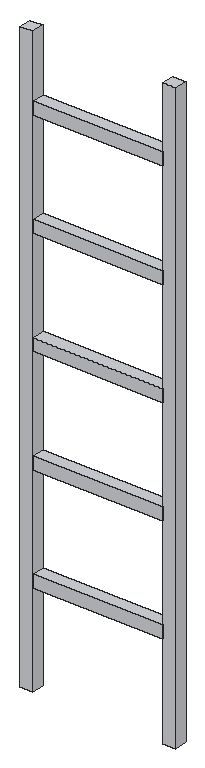
Revit family "Ladder", category Generic Models, Revit 2025
Family settings
  Can host rebar = No
  Round Connector Dimension = Use Diameter
  Part Type = Normal
  Work Plane-Based = Yes
  Always vertical = No
  Cut with Voids When Loaded = No
  Maintain Annotation Orientation = No
  Shared = No
  Room Calculation Point = No
Parameters (values of type "Vertical Frame")
  Total Height = 2000 mm
  Total Width = 500 mm
  Pipe Width = (Total Width - Pipe Size * 2)  # 420 mm
  Pipe Spacing = 400 mm
  Pipe Size = 40 mm
  Pipe Numbers = roundup((Pipe Height - 400 mm) / Pipe Spacing) + 1  # 5
  Pipe Material = none
  Pipe Height = Total Height - Pipe Start Base  # 1900 mm
  Ladder Height Calculation = Total Height - Pipe Start Base - 200 mm  # 1700 mm
  Pipe Start Base = 100 mm
  Default Elevation = 1219.2 mm
  Center Pipe = no
  Bottom Pipe Height = 400 mm
Types (3, lengths in mm): name | Total Height | Total Width | Pipe Width | Pipe Spacing | Pipe Size | Pipe Numbers | Pipe Material | Pipe Height | Ladder Height Calculation | Pipe Start Base | Center Pipe | Bottom Pipe Height
  Vertical Frame | 2000 | 500 | 420 | 400 | 40 | 5 | none | 1900 | 1700 | 100 | no | 400
  Vertical Frame w Center | 4000 | 1800 | 1700 | 800 | 50 | 6 | Working Scaffold - Metal Red | 3742 | 3542 | 258 | yes | 558
  Vertical Frame w/o Center | 4000 | 1000 | 920 | 400 | 40 | 10 | none | 3900 | 3700 | 100 | no | 400
Reference planes
  plane 1 "Center (Front/Back)": y = 0
  plane 2: z = 0
  plane 3 "Center (Left/Right)": x = 0
  plane 4: x = -250
  plane 5: x = 250
  plane 6 "Base": z = 100
  plane 7 "Ladder Top": z = 1800
Forms (mm)
  Extrusion 1, solid, material <- "Pipe Material"
    sketch origin (0, 0, 100) x (0, -1, 0) y (1, 0, 0)
      loop
        line (-20, -250) -> (20, -250) -> (20, -210) -> (-20, -210) -> (-20, -250)
      loop
        line (-20, 210) -> (20, 210) -> (20, 250) -> (-20, 250) -> (-20, 210)
    from 0 to 1900 <- "Pipe Height"
Dimensions and locks
  "Total Width": plane 4 to plane 5
  equal spacing: plane 4, plane 3 "Center (Left/Right)", plane 5
  "Pipe Start Base": plane 6 "Base" to level
  "Pipe Size": Extrusion 1 sketch curve to Extrusion 1 sketch curve  (x3)
  equal spacing: Extrusion 1 sketch curve, plane 1 "Center (Front/Back)", Extrusion 1 sketch curve  (x2)
  "Pipe Size": plane 4 to Extrusion 1 sketch curve
  equal spacing: group 1, group 3, group 4, group 5, group 2  (x3)
  plane 3 "Center (Left/Right)" to Extrusion 1 = 210 mm
  "Bottom Pipe Height": nested 1 to level
  "Ladder Height Calculation": plane 7 "Ladder Top" to plane 6 "Base"
  aligned and locked: level to plane 2
  aligned and locked: Extrusion 1 sketch curve to plane 5
  aligned and locked: plane 4 to Extrusion 1 sketch curve
  aligned and locked: plane 1 "Center (Front/Back)" to nested 1
  aligned and locked: Extrusion 1 to nested 1
  aligned and locked: Extrusion 1 to nested 2
  aligned and locked: nested 2 to plane 7 "Ladder Top"
Nested families
  nested 1: "Vertical Frame - Ladder" at (-210, 0, 420), type "Vertical Frame - Ladder"
    with Ladder Size 40 mm, Ladder Length 420 mm
  nested 2: "Vertical Frame - Ladder" at (-210, 0, 1780), type "Vertical Frame - Ladder"
    with Ladder Size 40 mm, Ladder Length 420 mm
  nested 3: "Vertical Frame - Ladder" at (-210, 0, 760), type "Vertical Frame - Ladder"
    with Ladder Size 40 mm, Ladder Length 420 mm
  nested 4: "Vertical Frame - Ladder" at (-210, 0, 1100), type "Vertical Frame - Ladder"
    with Ladder Size 40 mm, Ladder Length 420 mm
  nested 5: "Vertical Frame - Ladder" at (-210, 0, 1440), type "Vertical Frame - Ladder"
    with Ladder Size 40 mm, Ladder Length 420 mm
Definition of nested family "Vertical Frame - Ladder"
  Parameters (values of type "Vertical Frame - Ladder")
    Ladder Size = 20 mm
    Ladder Material = none
    Ladder Length = 1880 mm
    Default Elevation = 0 mm
  Reference planes
    plane 1 "Center (Front/Back)": y = 0
    plane 2: z = 0
    plane 3 "Center (Left/Right)": x = 0
  Forms (mm)
    Extrusion 1, solid, material <- "Ladder Material"
      sketch origin (0, 0, 0) x (0, 1, 0) y (0, 0, 1)
        loop
          line (10, 10) -> (-10, 10) -> (-10, -10) -> (10, -10) -> (10, 10)
      from 0 to 1880 <- "Ladder Length"
  Dimensions and locks
    "Ladder Size": Extrusion 1 sketch curve to Extrusion 1 sketch curve  (x2)
    equal spacing: Extrusion 1 sketch curve, plane 1 "Center (Front/Back)", Extrusion 1 sketch curve
    equal spacing: Extrusion 1 sketch curve, level, Extrusion 1 sketch curve
    aligned and locked: level to plane 2
    aligned and locked: Extrusion 1 to plane 3 "Center (Left/Right)"
